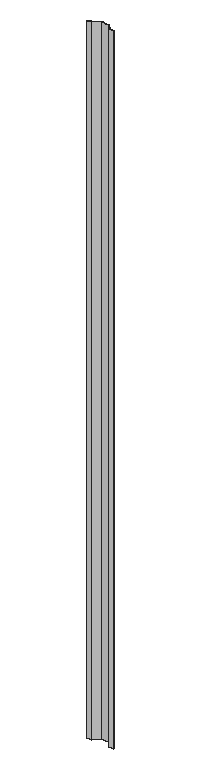
Revit family "M_Colunas com guias chapéu de forração galvanizado", category Pilares estruturais, Revit 2019
Family settings
  Forma do corte = Não definido
  Material para o comportamento do modelo = Aço
  Exportar sempre como geometria = Não
  Redução da viga na planta = Da caixa de vinculação
  Número OmniClass = 23.25.30.11.14.11
  Título OmniClass = Columns
  ID de item do Seek = Light Gauge-Furring Hat Channels-Column-0000-CAN-ENU
  Corte com vazios quando carregada = Não
  Representação simbólica = Das configurações de projeto
  Compartilhado = Não
  Exibir o pré-corte da família na vista da planta = Sim
Parameters (values of type "FC22")
  x = t1 / tan(90.00° - Ângulo / 2)  # 0.345 mm
  t = 0.5 mm
  t1 = if(t < 0.8 mm, 0.8 mm, t)  # 0.8 mm
  d = 17 mm
  W = 0
  Structural Material [instance] = Metal - Manômetro de luz
  D = 22 mm
  B2 = 70 mm
  B1 = 30 mm
  Código de montagem = "B10"
  Ângulo = if((B2 - B1) = 0 mm, 90.00°, atan(2 * (D - t1) / (B2 - B1)))  # 46.6683°
  A = 0.00 mm²
Reference planes
  plane 1 "Centro (Frente/Trás)": y = 0
  plane 2: z = 0
  plane 3 "Centro (Esquerda/Direita)": x = 0
  plane 4 "Direita": x = 104
  plane 5 "Superior": y = 22
  plane 6 "Inserção(esquerda/direita)": x = 52
  plane 7: x = 17
  plane 8: x = 87
  plane 9: x = 37
  plane 10: x = 67
  plane 11: x = 17.345
  plane 12: x = 37.345
  plane 13: x = 66.655
  plane 14: x = 86.655
Forms (mm)
  Extrusion 1, solid, material "Metal - Manômetro de luz" <- "Structural Material", detail levels medium+fine
    sketch origin (-0.463, 0, 0) x (1, 0, 0) y (0, 1, 0)
      loop
        line (0.463, 0) -> (17.808, 0) -> (37.808, 21.2) -> (67.117, 21.2) -> (87.117, 0) -> (104.462, 0) -> (104.462, 0.8) -> (87.462, 0.8) -> (67.462, 22) -> (37.463, 22) -> (17.463, 0.8) -> (0.463, 0.8) -> (0.463, 0)
    from 0 to 2500
Lines and regions (mm)
  symbolic lines, style "Faces ocultas", detail levels medium+fine
    curve 1: line (17, 0, 2500) -> (17, 0, 0)
    curve 2: line (37, 0, 2500) -> (37, 0, 0)
    curve 3: line (67, 0, 2500) -> (67, 0, 0)
    curve 4: line (87, 0, 2500) -> (87, 0, 0)
    curve 5: line (17.345, 0, 2500) -> (17.345, 0, 0)
    curve 6: line (37.345, 0, 2500) -> (37.345, 0, 0)
    curve 7: line (66.655, 0, 2500) -> (66.655, 0, 0)
    curve 8: line (86.655, 0, 2500) -> (86.655, 0, 0)
    curve 9: line (0, 21.2, 2500) -> (0, 21.2, 0)
  symbolic lines, style "StructuralColumnStickSymbols", detail levels coarse
    curve 10: line (0, 0, 0) -> (17.345, 0, 0)
    curve 11: line (86.655, 0, 0) -> (104, 0, 0)
    curve 12: line (17.345, 0, 0) -> (37, 22, 0)
    curve 13: line (37, 22, 0) -> (67, 22, 0)
    curve 14: line (67, 22, 0) -> (86.655, 0, 0)
Dimensions and locks
  "t1": Extrusion 1 sketch curve to Extrusion 1 sketch curve  (x5)
  "B1": plane 9 to plane 10
  equal spacing: plane 9, plane 6 "Inserção(esquerda/direita)", plane 10
  "B2": plane 7 to plane 8
  "d": plane 3 "Centro (Esquerda/Direita)" to plane 7
  "d": plane 8 to plane 4 "Direita"
  "D": plane 1 "Centro (Frente/Trás)" to plane 5 "Superior"
  "x": plane 7 to plane 11
  "x": plane 9 to plane 12
  "x": plane 13 to plane 10
  "x": plane 14 to plane 8
  equal spacing: plane 7, plane 6 "Inserção(esquerda/direita)", plane 8
  aligned and locked: level to plane 2
  aligned and locked: plane 1 "Centro (Frente/Trás)" to Extrusion 1 sketch curve  (x3)
  aligned and locked: plane 5 "Superior" to Extrusion 1 sketch curve
  aligned and locked: plane 3 "Centro (Esquerda/Direita)" to Extrusion 1 sketch curve  (x2)
  aligned and locked: Extrusion 1 sketch curve to plane 4 "Direita"
  aligned and locked: plane 9 to Extrusion 1 sketch curve
  aligned and locked: plane 10 to Extrusion 1 sketch curve
  aligned and locked: plane 7 to Extrusion 1 sketch curve
  aligned and locked: plane 8 to Extrusion 1 sketch curve
  aligned and locked: plane 4 "Direita" to Extrusion 1 sketch curve
  aligned and locked: Extrusion 1 to plane 5 "Superior"
  aligned and locked: level to Extrusion 1
  aligned and locked: plane 7 to curve 1
  aligned and locked: Extrusion 1 to plane 7
  aligned and locked: Extrusion 1 to curve 2  (x3)
  aligned and locked: plane 10 to Extrusion 1
  aligned and locked: curve 3 to plane 10
  aligned and locked: curve 4 to plane 8
  aligned and locked: curve 5 to Extrusion 1
  aligned and locked: curve 6 to Extrusion 1
  aligned and locked: curve 7 to Extrusion 1
  aligned and locked: curve 8 to Extrusion 1
  aligned and locked: Extrusion 1 to curve 1
  aligned and locked: Extrusion 1 to curve 5
  aligned and locked: Extrusion 1 to curve 6  (x2)
  aligned and locked: Extrusion 1 to curve 3  (x2)
  aligned and locked: Extrusion 1 to curve 7  (x2)
  aligned and locked: Extrusion 1 to curve 8  (x2)
  aligned and locked: Extrusion 1 to curve 4  (x2)
  aligned and locked: level to curve 5
  aligned and locked: level to curve 1
  aligned and locked: curve 9 to Extrusion 1
  aligned and locked: plane 1 "Centro (Frente/Trás)" to Extrusion 1  (x2)
  aligned and locked: plane 1 "Centro (Frente/Trás)" to curve 10
  aligned and locked: plane 3 "Centro (Esquerda/Direita)" to curve 10
  aligned and locked: plane 11 to Extrusion 1 sketch curve
  aligned and locked: plane 12 to Extrusion 1 sketch curve
  aligned and locked: plane 13 to Extrusion 1 sketch curve
  aligned and locked: plane 14 to Extrusion 1 sketch curve
  aligned and locked: plane 5 "Superior" to curve 13
  aligned and locked: plane 9 to curve 13
  aligned and locked: plane 10 to curve 14
  aligned and locked: plane 11 to curve 12
  aligned and locked: plane 1 "Centro (Frente/Trás)" to curve 12
  aligned and locked: plane 14 to curve 14
  aligned and locked: plane 1 "Centro (Frente/Trás)" to curve 14
  aligned and locked: plane 5 "Superior" to curve 14
Automatic sketch dimensions
  curve 9 to level = 0 mm  (x2)
  curve 11 to plane 4 "Direita" = 0 mm
